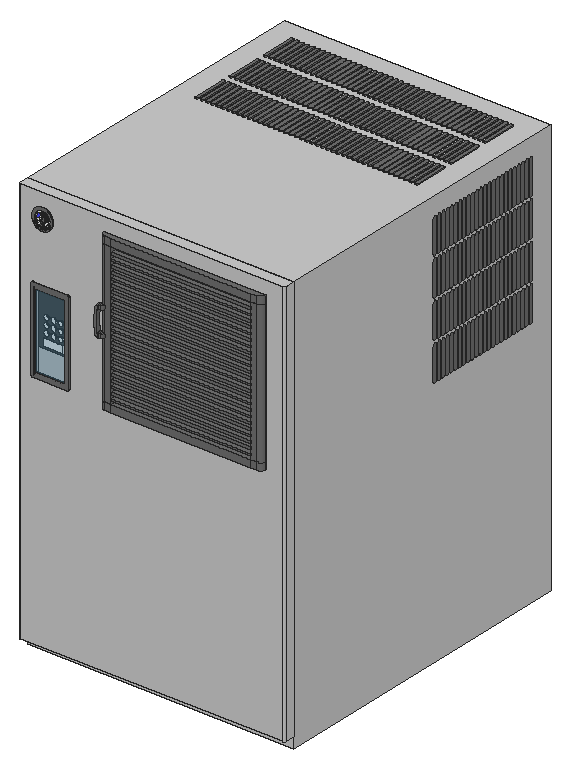
Revit family "QF_HOSHIZAKI_IM-130APE_251030081608", category Specialty Equipment, Revit 2021 (continued)
Definition of nested family "QF_HOSHIZAKI_IM-130APE_2920"
  Forms (mm)
    Extrusion 23, solid
      sketch origin (169.5, -249.137, 797.992) x (1, 0, 0) y (0, 1, 0)
        loop
          line (33.5, -450.863) -> (33.5, -463.156)
          arc (33.5, -463.156) -> (181.5, -470.863) -> (329.5, -463.156) r 1424.956
          line (329.5, -463.156) -> (329.5, -450.863) -> (33.5, -450.863)
      from 0 to 5
    Extrusion 24, solid
      sketch origin (169.5, -249.137, 785.992) x (1, 0, 0) y (0, 1, 0)
        loop
          line (33.5, -450.863) -> (33.5, -463.156)
          arc (33.5, -463.156) -> (181.5, -470.863) -> (329.5, -463.156) r 1424.956
          line (329.5, -463.156) -> (329.5, -450.863) -> (33.5, -450.863)
      from 0 to 5
    Extrusion 25, solid
      sketch origin (169.5, -249.137, 773.992) x (1, 0, 0) y (0, 1, 0)
        loop
          line (33.5, -450.863) -> (33.5, -463.156)
          arc (33.5, -463.156) -> (181.5, -470.863) -> (329.5, -463.156) r 1424.956
          line (329.5, -463.156) -> (329.5, -450.863) -> (33.5, -450.863)
      from 0 to 5
    Extrusion 26, solid
      sketch origin (169.5, -249.137, 761.992) x (1, 0, 0) y (0, 1, 0)
        loop
          line (33.5, -450.863) -> (33.5, -463.156)
          arc (33.5, -463.156) -> (181.5, -470.863) -> (329.5, -463.156) r 1424.956
          line (329.5, -463.156) -> (329.5, -450.863) -> (33.5, -450.863)
      from 0 to 5
    Extrusion 27, solid
      sketch origin (169.5, -249.137, 749.992) x (1, 0, 0) y (0, 1, 0)
        loop
          line (33.5, -450.863) -> (33.5, -463.156)
          arc (33.5, -463.156) -> (181.5, -470.863) -> (329.5, -463.156) r 1424.956
          line (329.5, -463.156) -> (329.5, -450.863) -> (33.5, -450.863)
      from 0 to 5
    Extrusion 28, solid
      sketch origin (169.5, -249.137, 737.992) x (1, 0, 0) y (0, 1, 0)
        loop
          line (33.5, -450.863) -> (33.5, -463.156)
          arc (33.5, -463.156) -> (181.5, -470.863) -> (329.5, -463.156) r 1424.956
          line (329.5, -463.156) -> (329.5, -450.863) -> (33.5, -450.863)
      from 0 to 5
    Extrusion 29, solid
      sketch origin (169.5, -249.137, 725.992) x (1, 0, 0) y (0, 1, 0)
        loop
          line (33.5, -450.863) -> (33.5, -463.156)
          arc (33.5, -463.156) -> (181.5, -470.863) -> (329.5, -463.156) r 1424.956
          line (329.5, -463.156) -> (329.5, -450.863) -> (33.5, -450.863)
      from 0 to 5
    Extrusion 30, solid
      sketch origin (169.5, -249.137, 713.992) x (1, 0, 0) y (0, 1, 0)
        loop
          line (33.5, -450.863) -> (33.5, -463.156)
          arc (33.5, -463.156) -> (181.5, -470.863) -> (329.5, -463.156) r 1424.956
          line (329.5, -463.156) -> (329.5, -450.863) -> (33.5, -450.863)
      from 0 to 5
    Extrusion 31, solid
      sketch origin (169.5, -249.137, 701.992) x (1, 0, 0) y (0, 1, 0)
        loop
          line (33.5, -450.863) -> (33.5, -463.156)
          arc (33.5, -463.156) -> (181.5, -470.863) -> (329.5, -463.156) r 1424.956
          line (329.5, -463.156) -> (329.5, -450.863) -> (33.5, -450.863)
      from 0 to 5
    Extrusion 32, solid
      sketch origin (169.5, -249.137, 689.992) x (1, 0, 0) y (0, 1, 0)
        loop
          line (33.5, -450.863) -> (33.5, -463.156)
          arc (33.5, -463.156) -> (181.5, -470.863) -> (329.5, -463.156) r 1424.956
          line (329.5, -463.156) -> (329.5, -450.863) -> (33.5, -450.863)
      from 0 to 5
    Extrusion 33, solid
      sketch origin (169.5, -249.137, 677.992) x (1, 0, 0) y (0, 1, 0)
        loop
          line (33.5, -450.863) -> (33.5, -463.156)
          arc (33.5, -463.156) -> (181.5, -470.863) -> (329.5, -463.156) r 1424.956
          line (329.5, -463.156) -> (329.5, -450.863) -> (33.5, -450.863)
      from 0 to 5
    Extrusion 34, solid
      sketch origin (169.5, -249.137, 665.992) x (1, 0, 0) y (0, 1, 0)
        loop
          line (33.5, -450.863) -> (33.5, -463.156)
          arc (33.5, -463.156) -> (181.5, -470.863) -> (329.5, -463.156) r 1424.956
          line (329.5, -463.156) -> (329.5, -450.863) -> (33.5, -450.863)
      from 0 to 5
    Extrusion 35, solid
      sketch origin (169.5, -249.137, 653.992) x (1, 0, 0) y (0, 1, 0)
        loop
          line (33.5, -450.863) -> (33.5, -463.156)
          arc (33.5, -463.156) -> (181.5, -470.863) -> (329.5, -463.156) r 1424.956
          line (329.5, -463.156) -> (329.5, -450.863) -> (33.5, -450.863)
      from 0 to 5
    Extrusion 36, solid
      sketch origin (169.5, -249.137, 641.992) x (1, 0, 0) y (0, 1, 0)
        loop
          line (33.5, -450.863) -> (33.5, -463.156)
          arc (33.5, -463.156) -> (181.5, -470.863) -> (329.5, -463.156) r 1424.956
          line (329.5, -463.156) -> (329.5, -450.863) -> (33.5, -450.863)
      from 0 to 5
    Extrusion 37, solid
      sketch origin (169.5, -249.137, 629.992) x (1, 0, 0) y (0, 1, 0)
        loop
          line (33.5, -450.863) -> (33.5, -463.156)
          arc (33.5, -463.156) -> (181.5, -470.863) -> (329.5, -463.156) r 1424.956
          line (329.5, -463.156) -> (329.5, -450.863) -> (33.5, -450.863)
      from 0 to 5
    Extrusion 38, solid
      sketch origin (169.5, -249.137, 617.992) x (1, 0, 0) y (0, 1, 0)
        loop
          line (33.5, -450.863) -> (33.5, -463.156)
          arc (33.5, -463.156) -> (181.5, -470.863) -> (329.5, -463.156) r 1424.956
          line (329.5, -463.156) -> (329.5, -450.863) -> (33.5, -450.863)
      from 0 to 5
    Extrusion 39, solid
      sketch origin (169.5, -249.137, 605.992) x (1, 0, 0) y (0, 1, 0)
        loop
          line (33.5, -450.863) -> (33.5, -463.156)
          arc (33.5, -463.156) -> (181.5, -470.863) -> (329.5, -463.156) r 1424.956
          line (329.5, -463.156) -> (329.5, -450.863) -> (33.5, -450.863)
      from 0 to 5
    Extrusion 40, solid
      sketch origin (169.5, -249.137, 593.992) x (1, 0, 0) y (0, 1, 0)
        loop
          line (33.5, -450.863) -> (33.5, -463.156)
          arc (33.5, -463.156) -> (181.5, -470.863) -> (329.5, -463.156) r 1424.956
          line (329.5, -463.156) -> (329.5, -450.863) -> (33.5, -450.863)
      from 0 to 5
    Extrusion 41, solid
      sketch origin (169.5, -249.137, 581.992) x (1, 0, 0) y (0, 1, 0)
        loop
          line (33.5, -450.863) -> (33.5, -463.156)
          arc (33.5, -463.156) -> (181.5, -470.863) -> (329.5, -463.156) r 1424.956
          line (329.5, -463.156) -> (329.5, -450.863) -> (33.5, -450.863)
      from 0 to 5
    Extrusion 42, solid
      sketch origin (169.5, -249.137, 569.992) x (1, 0, 0) y (0, 1, 0)
        loop
          line (33.5, -450.863) -> (33.5, -463.156)
          arc (33.5, -463.156) -> (181.5, -470.863) -> (329.5, -463.156) r 1424.956
          line (329.5, -463.156) -> (329.5, -450.863) -> (33.5, -450.863)
      from 0 to 5
    Extrusion 43, solid
      sketch origin (169.5, -249.137, 557.992) x (1, 0, 0) y (0, 1, 0)
        loop
          line (33.5, -450.863) -> (33.5, -463.156)
          arc (33.5, -463.156) -> (181.5, -470.863) -> (329.5, -463.156) r 1424.956
          line (329.5, -463.156) -> (329.5, -450.863) -> (33.5, -450.863)
      from 0 to 5
    Extrusion 44, solid
      sketch origin (169.5, -249.137, 545.992) x (1, 0, 0) y (0, 1, 0)
        loop
          line (33.5, -450.863) -> (33.5, -463.156)
          arc (33.5, -463.156) -> (181.5, -470.863) -> (329.5, -463.156) r 1424.956
          line (329.5, -463.156) -> (329.5, -450.863) -> (33.5, -450.863)
      from 0 to 5
  Cuts and joins
    Extrusion 5 cuts Extrusion 19
  Lines and regions (mm)
    symbolic lines
      curve 1: line (0, 0, 0) -> (560, 0, 0)
      curve 2: line (0, -700, 0) -> (0, 0, 0)
      curve 3: line (560, 0, 0) -> (560, -700, 0)
      curve 4: line (0, -700, 0) -> (560, -700, 0)
  Dimensions and locks
    plane 3 "Left" to plane 4 "Right" = 560 mm
    plane 5 "Front" to plane 1 "Back" = 700 mm
    plane 4 "Right" to plane 3 "Left" = 560 mm
    plane 6 "Top" to level = 880 mm  (x2)
    plane 1 "Back" to plane 5 "Front" = 700 mm
    aligned and locked: level to plane 2
Definition of nested family "CONN_POINT_COLDWATER_2D___Generic_Annotation"
  Parameters (values of type "CONN_POINT_COLDWATER_2D___Generic_Annotation")
    Onboard connection annotation symbol visibility [instance] = yes
  Reference planes
    plane 1: y = 0
    plane 2: x = 0
  Lines and regions (mm)
    detail lines, visible <- "Onboard connection annotation symbol visibility"
      curve 1: circle (0, 0, 0) r 0.5 normal (0, 0, 1)
      curve 2: line (-1, 0, 0) -> (1, 0, 0)
      curve 3: line (0, 1, 0) -> (0, -1, 0)
      curve 4: line (3.241, 1, 0) -> (3.717, -1, 0)
      curve 5: line (3.717, -1, 0) -> (4.193, 1, 0)
      curve 6: line (4.193, 1, 0) -> (4.669, -1, 0)
      curve 7: line (4.669, -1, 0) -> (5.145, 1, 0)
      curve 8: arc (2.67, 0.524, 0) -> (2.004, 1, 0) -> (1.337, 0.524, 0) r 0.704
      curve 9: arc (1.337, -0.524, 0) -> (2.004, -1, 0) -> (2.67, -0.524, 0) r 0.704
      curve 10: arc (1.337, 0.524, 0) -> (1.25, 0, 0) -> (1.337, -0.524, 0) r 1.616
Definition of nested family "CONN_POINT_DRAIN_2D___Generic_Annotation"
  Parameters (values of type "CONN_POINT_DRAIN_2D___Generic_Annotation")
    Onboard connection annotation symbol visibility [instance] = yes
  Reference planes
    plane 1: y = 0
    plane 2: x = 0
  Lines and regions (mm)
    detail lines, visible <- "Onboard connection annotation symbol visibility"
      curve 1: circle (0, 0, 0) r 0.5 normal (0, 0, 1)
      curve 2: line (-1, 0, 0) -> (1, 0, 0)
      curve 3: line (0, 1, 0) -> (0, -1, 0)
      curve 4: line (1.776, 1, 0) -> (1.25, 1, 0)
      curve 5: line (1.25, 1, 0) -> (1.25, -1, 0)
      curve 6: line (1.25, -1, 0) -> (1.776, -1, 0)
      curve 7: arc (2.206, -0.862, 0) -> (2.459, -0.589, 0) -> (2.583, -0.238, 0) r 0.918
      curve 8: arc (2.583, 0.238, 0) -> (2.459, 0.589, 0) -> (2.206, 0.862, 0) r 0.918
      curve 9: arc (2.583, -0.238, 0) -> (2.599, 0, 0) -> (2.583, 0.238, 0) r 1.77
      curve 10: arc (2.206, 0.862, 0) -> (2.002, 0.965, 0) -> (1.776, 1, 0) r 0.741
      curve 11: arc (1.776, -1, 0) -> (2.002, -0.965, 0) -> (2.206, -0.862, 0) r 0.741
Definition of nested family "CONN_POINT_ELE_2D___Generic_Annotation"
  Parameters (values of type "CONN_POINT_ELE_2D___Generic_Annotation")
    Onboard connection annotation symbol visibility [instance] = yes
  Reference planes
    plane 1: y = 0
    plane 2: x = 0
  Lines and regions (mm)
    detail lines, visible <- "Onboard connection annotation symbol visibility"
      curve 1: circle (0, 0, 0) r 0.5 normal (0, 0, 1)
      curve 2: line (-1, 0, 0) -> (1, 0, 0)
      curve 3: line (0, 1, 0) -> (0, -1, 0)
      curve 4: line (2.5, 1, 0) -> (1.25, 1, 0)
      curve 5: line (1.25, 1, 0) -> (1.25, -1, 0)
      curve 6: line (1.25, -1, 0) -> (2.5, -1, 0)
      curve 7: line (1.25, 0, 0) -> (2, 0, 0)
